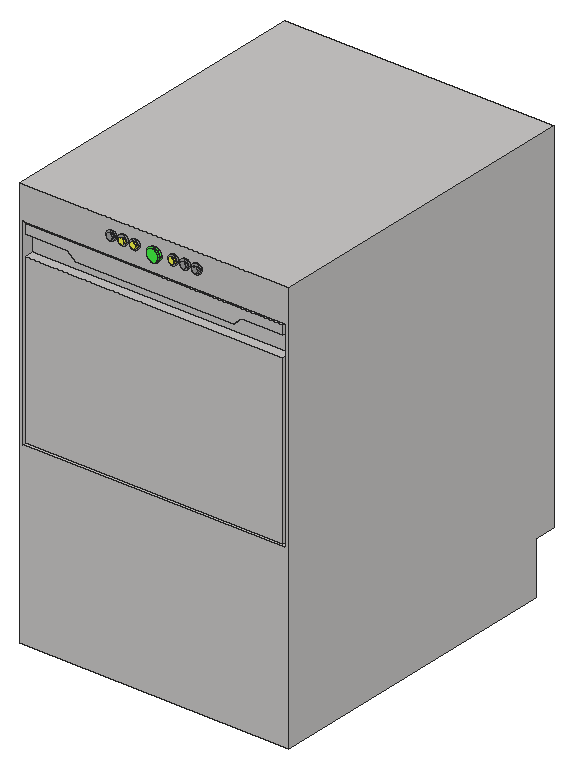
Revit family "QF_ZANUSSI_402236_ZSDICG", category Specialty Equipment, Revit 2018
Family settings
  Round Connector Dimension = Use Diameter
  Part Type = Normal
  Work Plane-Based = No
  Always vertical = Yes
  Cut with Voids When Loaded = No
  Shared = No
  Room Calculation Point = No
Parameters
  Weight = 37.00 kg
  Watts = 0 W
  Volts = 0 V
  URL Manufacturer = ""
  URL = "http://professional.electrolux.com/"
  Steam Supply Size = 0 mm
  Steam Supply Minimum Pressure = 0.0 Pa
  Steam Supply Maximum Pressure = 0.0 Pa
  Steam Pounds per Hour = 0
  Show Logo [instance] = yes
  Show Clearance [instance] = yes
  Refrigeration Suction Line Size = 0 mm
  Refrigeration Liquid Line Size = 0 mm
  Refrigerant Compressor Remote = yes
  Manufacturer = ""
  Phase = 0
  Model = ""
  Length Actual = 460 mm  # constant formula
  Item Number = ""
  Hot Water Size = 0 mm
  Height Actual = 715 mm  # constant formula
  HP = "4.4 HP"
  Gas Size = 0 mm
  Gas KW = 0
  Gas Input Pressure = 0 W
  Direct Waste Size = 22 mm
  Description = ""
  Depth Actual = 565 mm  # constant formula
  Cycle = 0 Hz
  Condensate Return Size = 0 mm
  Compressed Air Volume = 0.0 L/s
  Compressed Air Size = 0 mm
  Compressed Air Pressure = 0.0 Pa
  Cold Water Size = 0 mm
  Accessory = yes
Types (2, lengths in mm): name | Volts | URL Manufacturer | URL | Manufacturer | Phase | Model | Item Number | Description | Cycle | Cold Water Size
  (no name) | 0 V | "" | "http://professional.electrolux.com/" | "" | 0 | "" | "" | "" | 0 Hz | 0
  Standard | 220 V | "http://professional.electrolux.com" | "http://professional.electrolux.com" | "Electrolux Professional" | 1 | "ESDICG" | "402227" | "GLASSWASHER(S) INS. DOUBLE SKIN, COLD RINSE, DP, DD, 30B/H" | 50 Hz | 19.05
Reference planes
  plane 1 "Center (Front/Back)": y = 0
  plane 2: z = 0
  plane 3 "Center (Left/Right)": x = 0
  plane 4 "LEFT": x = -230
  plane 5 "RIGHT": x = 230
  plane 6 "FRONT": y = -282.5
  plane 7 "BACK": y = 282.5
  plane 8: x = -202.5
  plane 9: x = 202.5
  plane 10: z = 715
  plane 11: z = 10
Forms (mm)
  Extrusion 1, solid, material "QF_Finishes_Stainless Steel"
    sketch origin (0, 0, 0) x (1, 0, 0) y (0, 1, 0)
      loop
        line (-230, -282.5) -> (230, -282.5) -> (230, 243.5) -> (-230, 243.5) -> (-230, -282.5)
    from 10 to 715
  Extrusion 2, solid, material "QF_Finishes_Stainless Steel"
    sketch origin (0, 0, 0) x (1, 0, 0) y (0, 1, 0)
      loop
        line (-230, 243.5) -> (230, 243.5) -> (230, 282.5) -> (-230, 282.5) -> (-230, 243.5)
    from 100 to 715
  Extrusion 3, solid, material "QF_Finishes_Stainless Steel"
    sketch origin (0, 0, 0) x (1, 0, 0) y (0, 1, 0)
      loop
        circle (-202.5, 184.5) r 12.5
      loop
        circle (202.5, 184.5) r 12.5
      loop
        circle (-202.5, -235.5) r 12.5
      loop
        circle (202.5, -235.5) r 12.5
    from 0 to 10
  Extrusion 4, void
    sketch origin (-230, -282.5, 0) x (-1, 0, 0) y (0, 0, 1)
      loop
        line (-5, 658.217) -> (-455, 658.217) -> (-455, 315) -> (-5, 315) -> (-5, 658.217)
    from 0 to 30
  Extrusion 5, solid, material "QF_Finishes_Stainless Steel"
    sketch origin (-53, -392, 738) x (0, 0, -1) y (1, 0, 0)
      loop
        circle (693, 213) r 10
    from -635.5 to -674.5
  Extrusion 6, solid, material "QF_Door-Drawer Clearances", visible <- "Show Clearance", detail levels coarse
    sketch origin (-230, -282.5, 0) x (0, 1, 0) y (0, 0, -1)
      loop
        line (0, -315) -> (-315, -315)
        arc (-315, -315) -> (-223.2, -545.869) -> (0, -655) r 344.605
        line (0, -655) -> (0, -315)
    from -10 to -450
  Extrusion 7, solid, material "QF_Finishes_Stainless Steel"
    sketch origin (-242.481, -392, 738) x (0, 0, -1) y (1, 0, 0)
      loop
        circle (663, 322.481) r 8
    from -635.5 to -674.5
  Extrusion 8, solid, material "QF_Finishes_Green"
    sketch origin (234, -282.5, -28.75) x (-1, 0, 0) y (0, 0, -1)
      loop
        circle (234, -714.569) r 10
    from 0 to 5
  Extrusion 9, solid, material "QF_Finishes_Gray"
    sketch origin (234, -282.5, -24.375) x (-1, 0, 0) y (0, 0, -1)
      loop
        circle (306.936, -713.972) r 5
    from 0 to 5
  Extrusion 10, solid, material "QF_Finishes_Stainless Steel"
    sketch origin (-230, -282.5, 0) x (0, 1, 0) y (0, 0, -1)
      loop
        line (0, -319.622) -> (0, -605) -> (15, -605) -> (15, -655) -> (25, -655) -> (25, -319.622) -> (0, -319.622)
    from -10 to -450
  Extrusion 11, solid, material "QF_Finishes_Stainless Steel"
    sketch origin (-230, -282.5, 0) x (0, 1, 0) y (0, 0, -1)
      loop
        line (15, -655) -> (15, -652.514) -> (2.5, -652.514) -> (2.5, -626.25) -> (0, -626.25) -> (0, -655) -> (15, -655)
    from -10 to -450
  Extrusion 12, void
    sketch origin (-230, -282.5, 655) x (0, 0, 1) y (1, 0, 0)
      loop
        line (-15.552, 10) -> (-15.552, 81.607) -> (-28.75, 94.804) -> (-28.75, 10) -> (-15.552, 10)
      loop
        line (-15.552, 450) -> (-28.75, 450) -> (-28.75, 365.196) -> (-15.552, 378.393) -> (-15.552, 450)
    from 0 to 2.5
  Extrusion 13, solid, material "QF_Finishes_Stainless Steel"
    sketch origin (-328, -392, 738) x (0, 0, -1) y (1, 0, 0)
      loop
        circle (663, 228) r 8
    from -635.5 to -674.5
  Extrusion 14, solid, material "QF_Finishes_Green"
    sketch origin (-230, -282.5, 0) x (1, 0, 0) y (0, 0, 1)
      loop
        circle (230, 685.819) r 12
      loop
        circle (230, 685.819) r 10
    from 0 to 2.5
  Extrusion 15, solid, material "QF_Finishes_Gray"
    sketch origin (-210, -282.5, -28.75) x (1, 0, 0) y (0, 0, 1)
      loop
        circle (262.936, 718.347) r 8
      loop
        circle (262.936, 718.347) r 5
      loop
        circle (242.936, 718.347) r 8
      loop
        circle (242.936, 718.347) r 5
      loop
        circle (282.936, 718.347) r 8
      loop
        circle (282.936, 718.347) r 5
    from 0 to 2.5
  Extrusion 16, solid, material "QF_Finishes_Gray"
    sketch origin (-234, -282.5, -24.375) x (1, 0, 0) y (0, 0, 1)
      loop
        circle (286.936, 713.972) r 5
      loop
        circle (306.936, 713.972) r 5
    from 0 to 5
  Extrusion 17, solid, material "QF_Finishes_Gray"
    sketch origin (210, -282.5, -28.75) x (-1, 0, 0) y (0, 0, -1)
      loop
        circle (262.936, -718.347) r 8
      loop
        circle (262.936, -718.347) r 5
      loop
        circle (242.936, -718.347) r 8
      loop
        circle (242.936, -718.347) r 5
      loop
        circle (282.936, -718.347) r 8
      loop
        circle (282.936, -718.347) r 5
    from 0 to 2.5
  Extrusion 18, solid, material "QF_Finishes_Yellow"
    sketch origin (254, -282.5, -24.375) x (-1, 0, 0) y (0, 0, -1)
      loop
        circle (306.936, -713.972) r 5
    from 0 to 5
  Extrusion 19, solid, material "QF_Finishes_Yellow"
    sketch origin (274, -282.5, -24.375) x (-1, 0, 0) y (0, 0, -1)
      loop
        circle (306.936, -713.972) r 5
    from 0 to 5
  Extrusion 20, solid, material "QF_Finishes_Yellow"
    sketch origin (339.871, -282.5, -24.375) x (-1, 0, 0) y (0, 0, -1)
      loop
        circle (306.936, -713.972) r 5
    from 0 to 5
Cuts and joins
  Extrusion 4 cuts Extrusion 1
  joined: Extrusion 1, Extrusion 2
  Extrusion 12 cuts Extrusion 10
  Extrusion 12 cuts Extrusion 11
Lines and regions (mm)
  Split face 1
    outline origin (-230, -282.5, 715) x (0, 0, -1) y (1, 0, 0)
      loop
        line (35, 0) -> (35, 60) -> (49.142, 74.142) -> (49.142, 214.142) -> (11.456, 214.142)
        arc (11.456, 214.142) -> (9.82, 214.82) -> (9.142, 216.456) r 2.314
        line (9.142, 216.456) -> (9.142, 230) -> (9.142, 243.544)
        arc (9.142, 243.544) -> (9.82, 245.18) -> (11.456, 245.858) r 2.314
        line (11.456, 245.858) -> (49.142, 245.858) -> (49.142, 385.858) -> (35, 400) -> (35, 460)
      loop
        line (56.783, 5) -> (56.783, 0)
      loop
        line (56.783, 455) -> (56.783, 460)
  symbolic lines
    curve 1: line (-230, 282.5, 0) -> (230, 282.5, 0)
    curve 2: line (-230, -282.5, 0) -> (-230, 282.5, 0)
    curve 3: line (230, -282.5, 0) -> (-230, -282.5, 0)
    curve 4: line (230, 282.5, 0) -> (230, -282.5, 0)
    curve 9: line (-80.94, -285, 0) -> (-80.94, -282.5, 0)
    curve 10: line (-64.948, -285, 0) -> (-64.948, -282.5, 0)
    curve 11: line (-77.926, -287.5, 0) -> (-67.936, -287.5, 0)
    curve 12: line (-67.936, -287.5, 0) -> (-67.936, -285, 0)
    curve 13: line (-77.926, -287.5, 0) -> (-77.926, -285, 0)
    curve 14: line (-60.936, -285, 0) -> (-44.936, -285, 0)
    curve 15: line (-44.936, -285, 0) -> (-44.936, -282.5, 0)
    curve 16: line (-60.936, -285, 0) -> (-60.936, -282.5, 0)
    curve 17: line (-57.936, -287.5, 0) -> (-47.936, -287.5, 0)
    curve 18: line (-47.936, -287.5, 0) -> (-47.936, -285, 0)
    curve 19: line (-57.936, -287.5, 0) -> (-57.936, -285, 0)
    curve 20: line (-40.936, -285, 0) -> (-24.936, -285, 0)
    curve 21: line (-24.936, -285, 0) -> (-24.936, -282.5, 0)
    curve 22: line (-40.936, -285, 0) -> (-40.936, -282.5, 0)
    curve 23: line (-37.936, -287.5, 0) -> (-27.936, -287.5, 0)
    curve 24: line (-27.936, -287.5, 0) -> (-27.936, -285, 0)
    curve 25: line (-37.936, -287.5, 0) -> (-37.936, -285, 0)
    curve 26: line (24.936, -285, 0) -> (40.936, -285, 0)
    curve 27: line (40.936, -285, 0) -> (40.936, -282.5, 0)
    curve 28: line (27.936, -287.5, 0) -> (37.936, -287.5, 0)
    curve 29: line (37.936, -287.5, 0) -> (37.936, -285, 0)
    curve 30: line (27.936, -287.5, 0) -> (27.936, -285, 0)
    curve 31: line (24.936, -285, 0) -> (24.936, -282.5, 0)
    curve 32: line (-12, -285, 0) -> (12, -285, 0)
    curve 33: line (12, -285, 0) -> (12, -282.5, 0)
    curve 34: line (-12, -285, 0) -> (-12, -282.5, 0)
    curve 35: line (-10, -287.5, 0) -> (10, -287.5, 0)
    curve 36: line (10, -287.5, 0) -> (10, -285, 0)
    curve 37: line (-10, -287.5, 0) -> (-10, -285, 0)
    curve 39: line (44.936, -285, 0) -> (60.936, -285, 0)
    curve 40: line (60.936, -285, 0) -> (60.936, -282.5, 0)
    curve 41: line (47.936, -287.5, 0) -> (57.936, -287.5, 0)
    curve 42: line (57.936, -287.5, 0) -> (57.936, -285, 0)
    curve 43: line (47.936, -287.5, 0) -> (47.936, -285, 0)
    curve 44: line (44.936, -285, 0) -> (44.936, -282.5, 0)
    curve 45: line (64.936, -285, 0) -> (80.936, -285, 0)
    curve 46: line (80.936, -285, 0) -> (80.936, -282.5, 0)
    curve 47: line (67.936, -287.5, 0) -> (77.936, -287.5, 0)
    curve 48: line (77.936, -287.5, 0) -> (77.936, -285, 0)
    curve 49: line (67.936, -287.5, 0) -> (67.936, -285, 0)
    curve 50: line (64.936, -285, 0) -> (64.936, -282.5, 0)
  symbolic lines, style "QF_Door-Drawer Clearances"
    curve 5: line (-220, -597.5, 0) -> (220, -597.5, 0)
    curve 6: line (220, -597.5, 0) -> (220, -282.5, 0)
    curve 7: line (-220, -597.5, 0) -> (-220, -282.5, 0)
  symbolic lines, style "SpecialityEquipment"
    curve 8: line (-80.94, -285, 0) -> (-64.948, -285, 0)
  symbolic lines, style "SpecialityEquipmentHiddenLines"
    curve 38: line (-230, 243.5, 0) -> (230, 243.5, 0)
Dimensions and locks
  equal spacing: plane 4 "LEFT", plane 3 "Center (Left/Right)", plane 5 "RIGHT"
  equal spacing: plane 7 "BACK", plane 1 "Center (Front/Back)", plane 6 "FRONT"
  plane 7 "BACK" to plane 6 "FRONT" = 565 mm
  plane 4 "LEFT" to plane 5 "RIGHT" = 460 mm
  plane 4 "LEFT" to plane 8 = 27.5 mm
  plane 9 to plane 5 "RIGHT" = 27.5 mm
  locked: plane 11 to level at 10
  plane 4 "LEFT" to plane 3 "Center (Left/Right)" = 230 mm
  plane 10 to level = 715 mm  (x2)
  plane 8 to plane 9 = 405 mm
  level to Extrusion 13 sketch curve = 75 mm
  Extrusion 13 sketch curve to plane 4 "LEFT" = 130 mm
  level to Extrusion 5 sketch curve = 45 mm
  Extrusion 5 sketch curve to plane 4 "LEFT" = 390 mm
  Extrusion 7 sketch curve to plane 4 "LEFT" = 310 mm
  level to Extrusion 7 sketch curve = 75 mm
  locked: Extrusion 3 to cut or joined group of Extrusion 1, Extrusion 2, Extrusion 4 at 98
  Extrusion 3 to Extrusion 3 = 420 mm
  locked: plane 6 "FRONT" to Extrusion 3 at 47
  plane 9 to plane 8 = 405 mm
  plane 7 "BACK" to curve 5 = 880 mm
  cut or joined group of Extrusion 10, Extrusion 12 to cut or joined group of Extrusion 1, Extrusion 2, Extrusion 4 = 290 mm
  aligned and locked: level to plane 2
  aligned and locked: Extrusion 1 sketch curve to plane 6 "FRONT"
  aligned and locked: Extrusion 1 sketch curve to plane 4 "LEFT"
  aligned and locked: plane 5 "RIGHT" to Extrusion 1 sketch curve
  aligned and locked: Extrusion 1 to plane 11
  aligned and locked: Extrusion 2 sketch curve to Extrusion 1  (x2)
  aligned and locked: plane 7 "BACK" to Extrusion 2 sketch curve
  aligned and locked: plane 5 "RIGHT" to Extrusion 2 sketch curve
  aligned and locked: plane 11 to Extrusion 3
  aligned and locked: Extrusion 2 to Extrusion 5
  aligned and locked: Extrusion 2 to Extrusion 7
  aligned and locked: plane 7 "BACK" to Extrusion 7
  aligned and locked: plane 7 "BACK" to Extrusion 5
  aligned and locked: cut or joined group of Extrusion 11, Extrusion 12 to Extrusion 12
  aligned and locked: plane 10 to Extrusion 2
Automatic sketch dimensions
  curve 1 to plane 4 "LEFT" = 0 mm
  curve 7 to plane 6 "FRONT" = 0 mm
  curve 4 to plane 5 "RIGHT" = 0 mm
  curve 2 to plane 7 "BACK" = 0 mm
  plane 4 "LEFT" to curve 5 = 10 mm
  curve 8 to plane 6 "FRONT" = 2.5 mm
  curve 8 to plane 3 "Center (Left/Right)" = 80.94 mm
  curve 8 to curve 11 = 3.013 mm
  curve 11 to curve 11 = 9.991 mm
  curve 12 to curve 10 = 2.987 mm
  curve 8 to curve 16 = 4.013 mm
  curve 14 to curve 19 = 3 mm
  curve 17 to plane 6 "FRONT" = 5 mm
  curve 17 to curve 17 = 10 mm
  curve 18 to curve 14 = 3 mm
  curve 14 to curve 20 = 4 mm
  curve 20 to curve 25 = 3 mm
  curve 24 to plane 6 "FRONT" = 5 mm
  curve 23 to curve 24 = 10 mm
  curve 24 to curve 21 = 3 mm
  curve 34 to plane 6 "FRONT" = 2.5 mm
  curve 34 to plane 3 "Center (Left/Right)" = 12 mm
  curve 32 to curve 37 = 2 mm
  plane 3 "Center (Left/Right)" to curve 36 = 10 mm
  curve 36 to curve 33 = 2 mm
  curve 26 to plane 6 "FRONT" = 2.5 mm
  curve 32 to curve 26 = 12.936 mm
  curve 26 to curve 30 = 3 mm
  curve 28 to plane 6 "FRONT" = 5 mm
  curve 28 to curve 28 = 10 mm
  curve 29 to curve 27 = 3 mm
  curve 26 to curve 44 = 4 mm
  curve 39 to curve 43 = 3 mm
  curve 41 to plane 6 "FRONT" = 5 mm
  curve 41 to curve 41 = 10 mm
  curve 42 to curve 39 = 3 mm
  curve 39 to curve 50 = 4 mm
  curve 45 to curve 47 = 3 mm
  curve 47 to plane 6 "FRONT" = 5 mm
  curve 47 to curve 47 = 10 mm
  curve 48 to curve 45 = 3 mm
  curve 6 to plane 5 "RIGHT" = 10 mm
  curve 35 to curve 36 = 2.5 mm
  curve 11 to curve 13 = 2.5 mm
  curve 15 to plane 6 "FRONT" = 2.5 mm
  curve 20 to plane 6 "FRONT" = 2.5 mm
  curve 40 to plane 6 "FRONT" = 2.5 mm
  curve 45 to plane 6 "FRONT" = 2.5 mm
  curve 38 to plane 7 "BACK" = 39 mm
  Extrusion 1 sketch curve to plane 7 "BACK" = 39 mm
  Extrusion 3 sketch curve to plane 8 = 0 mm  (x2)
  Extrusion 3 sketch curve to plane 9 = 0 mm  (x2)
  plane 6 "FRONT" to Extrusion 3 sketch curve = 47 mm  (x2)
  Extrusion 3 sketch curve to plane 7 "BACK" = 98 mm  (x2)
  Extrusion 4 sketch curve to Extrusion 1 = 5 mm  (x2)
  Extrusion 4 sketch curve to Extrusion 1 = 305 mm
  Extrusion 4 sketch curve to Extrusion 1 = 56.783 mm
  Extrusion 6 sketch curve to plane 6 "FRONT" = 0 mm
  Extrusion 6 sketch curve to plane 6 "FRONT" = 315 mm
  plane 6 "FRONT" to Extrusion 6 sketch curve = 29.589 mm
  Extrusion 6 sketch curve to plane 10 = 60 mm
  plane 11 to Extrusion 6 sketch curve = 305 mm
  Extrusion 8 sketch curve to Extrusion 8 sketch curve = 0 mm  (x2)
  Extrusion 8 sketch curve to plane 3 "Center (Left/Right)" = 0 mm
  Extrusion 8 sketch curve to plane 10 = 29.181 mm
  plane 3 "Center (Left/Right)" to Extrusion 8 sketch curve = 10 mm
  Extrusion 9 sketch curve to Extrusion 9 sketch curve = 0 mm  (x2)
  Extrusion 9 sketch curve to plane 10 = 25.403 mm
  Extrusion 9 sketch curve to plane 3 "Center (Left/Right)" = 72.936 mm
  Extrusion 9 sketch curve to Extrusion 9 sketch curve = 5 mm
  Extrusion 10 sketch curve to plane 6 "FRONT" = 0 mm
  plane 6 "FRONT" to Extrusion 10 sketch curve = 15 mm
  Extrusion 10 sketch curve to Extrusion 10 sketch curve = 25 mm
  Extrusion 10 sketch curve to plane 10 = 60 mm
  Extrusion 10 sketch curve to Extrusion 10 sketch curve = 50 mm
  Extrusion 10 sketch curve to Extrusion 10 sketch curve = 285.378 mm
  Extrusion 11 sketch curve to plane 6 "FRONT" = 0 mm
  Extrusion 11 sketch curve to Extrusion 11 sketch curve = 2.5 mm
  Extrusion 11 sketch curve to Extrusion 11 sketch curve = 12.5 mm
  Extrusion 11 sketch curve to plane 10 = 60 mm
  Extrusion 11 sketch curve to Extrusion 11 sketch curve = 2.486 mm
  Extrusion 11 sketch curve to Extrusion 11 sketch curve = 26.264 mm
  Extrusion 12 sketch curve to Extrusion 11 = 0 mm  (x3)
  Extrusion 11 to Extrusion 12 sketch curve = 0 mm
  Extrusion 12 sketch curve to Extrusion 11 = 13.198 mm  (x2)
  Extrusion 12 sketch curve to Extrusion 11 = 71.607 mm
  Extrusion 12 sketch curve to Extrusion 12 sketch curve = 13.198 mm  (x2)
  Extrusion 12 sketch curve to Extrusion 11 = 84.804 mm
  Extrusion 14 sketch curve to Extrusion 14 sketch curve = 0 mm  (x2)
  Extrusion 1 to Extrusion 14 sketch curve = 29.181 mm
  Extrusion 1 to Extrusion 14 sketch curve = 230 mm
  Extrusion 15 sketch curve to Extrusion 15 sketch curve = 0 mm  (x8)
  plane 3 "Center (Left/Right)" to Extrusion 15 sketch curve = 32.936 mm
  Extrusion 15 sketch curve to Extrusion 15 sketch curve = 20 mm  (x2)
  Extrusion 15 sketch curve to plane 10 = 25.403 mm
  Extrusion 16 sketch curve to Extrusion 16 sketch curve = 0 mm  (x5)
  Extrusion 16 sketch curve to plane 10 = 25.403 mm
  plane 3 "Center (Left/Right)" to Extrusion 16 sketch curve = 52.936 mm
  Extrusion 16 sketch curve to Extrusion 16 sketch curve = 20 mm
  Extrusion 16 sketch curve to Extrusion 16 sketch curve = 5 mm  (x2)
  Split face 1 sketch curve to cut or joined group of Extrusion 1, Extrusion 2, Extrusion 4 = 0 mm  (x6)
  cut or joined group of Extrusion 1, Extrusion 2, Extrusion 4 to Split face 1 sketch curve = 0 mm  (x2)
  cut or joined group of Extrusion 1, Extrusion 2, Extrusion 4 to Split face 1 sketch curve = 7.641 mm  (x2)
  Split face 1 sketch curve to Split face 1 sketch curve = 14.142 mm  (x4)
  Split face 1 sketch curve to cut or joined group of Extrusion 1, Extrusion 2, Extrusion 4 = 11.456 mm  (x2)
  Split face 1 sketch curve to cut or joined group of Extrusion 1, Extrusion 2, Extrusion 4 = 9.142 mm
  Split face 1 sketch curve to cut or joined group of Extrusion 1, Extrusion 2, Extrusion 4 = 55 mm
  Split face 1 sketch curve to Split face 1 sketch curve = 140 mm
  Split face 1 sketch curve to Split face 1 sketch curve = 13.544 mm  (x2)
  Split face 1 sketch curve to cut or joined group of Extrusion 1, Extrusion 2, Extrusion 4 = 69.142 mm
  Extrusion 17 sketch curve to Extrusion 17 sketch curve = 0 mm  (x8)
  Extrusion 17 sketch curve to plane 3 "Center (Left/Right)" = 32.936 mm
  Extrusion 17 sketch curve to Extrusion 17 sketch curve = 20 mm  (x2)
  Extrusion 17 sketch curve to plane 10 = 25.403 mm
  Extrusion 18 sketch curve to Extrusion 18 sketch curve = 0 mm  (x2)
  Extrusion 18 sketch curve to plane 10 = 25.403 mm
  Extrusion 18 sketch curve to plane 3 "Center (Left/Right)" = 52.936 mm
  Extrusion 18 sketch curve to Extrusion 18 sketch curve = 5 mm
  Extrusion 19 sketch curve to Extrusion 19 sketch curve = 0 mm  (x2)
  Extrusion 19 sketch curve to plane 3 "Center (Left/Right)" = 32.936 mm
  Extrusion 19 sketch curve to plane 10 = 25.403 mm
  Extrusion 19 sketch curve to Extrusion 19 sketch curve = 5 mm
  Extrusion 20 sketch curve to Extrusion 20 sketch curve = 0 mm  (x2)
  plane 3 "Center (Left/Right)" to Extrusion 20 sketch curve = 32.936 mm
  Extrusion 20 sketch curve to plane 10 = 25.403 mm
  Extrusion 20 sketch curve to Extrusion 20 sketch curve = 5 mm
  radius of Extrusion 5 sketch curve = 10 mm
  radius of Extrusion 7 sketch curve = 8 mm
  radius of Extrusion 13 sketch curve = 8 mm
  radius of Extrusion 3 sketch curve = 12.5 mm  (x4)
  radius of Extrusion 14 sketch curve = 12 mm
  radius of Extrusion 14 sketch curve = 10 mm
  radius of Extrusion 15 sketch curve = 8 mm  (x3)
  radius of Extrusion 15 sketch curve = 5 mm  (x3)
  radius of Extrusion 17 sketch curve = 8 mm  (x3)
  radius of Extrusion 17 sketch curve = 5 mm  (x3)
Connectors
  piping at (160, 282.5, 45), diameter 20
    settings: on Extrusion 5, index 1, connector inside diameter 609.6 mm, connector length 0 mm, flow factor 0, pipe flow 0.0 L/s, pressure drop 0.0 Pa, fitting loss kfactor 0, connector angle 0.00°, fixture units 0, engagement length 0 mm, angle of deflection 0.00°, flow configuration 1, flow direction 1, fitting loss method 0, system type 16, joint type 0, gender type 0, connector reference index -1, connector utility 0, adjustable connector no, is connector primary yes, connector description "Drain"
  piping at (80, 282.5, 75), driven by "Cold Water Size"
    settings: on Extrusion 7, index 3, connector diameter 0 mm, connector inside diameter 609.6 mm, connector length 0 mm, flow factor 0, pipe flow 0.0 L/s, pressure drop 0.0 Pa, fitting loss kfactor 0, connector angle 0.00°, fixture units 0, engagement length 0 mm, angle of deflection 0.00°, flow configuration 1, flow direction 1, fitting loss method 0, system type 20, joint type 0, gender type 0, connector reference index -1, connector utility 0, adjustable connector no, is connector primary no, connector description "Cold Water Inlet"
  electrical at (-100, 282.5, 75), driven by "Volts"
    settings: on Extrusion 13, index 4, voltage 0 V, apparent load 0 VA, apparent load phase1 0 VA, apparent load phase2 0 VA, apparent load phase3 0 VA, power factor 1, load classification "Altro", number of poles 1, system type 31, power factor state 1, is connector primary yes, connector utility no, sub classification motor no, connector description "Electrical Connection"
